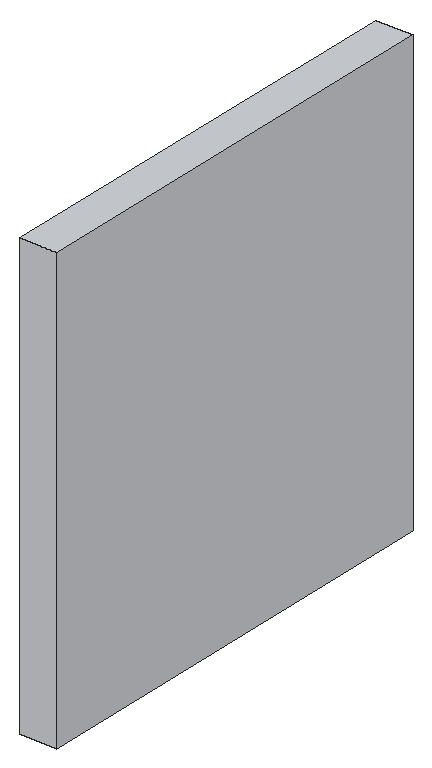
Revit family "7c70d3cc30df404eaa2ef8fa46fe4636", category Duct Fittings, Revit 2021
Family settings
  Round Connector Dimension = Use Diameter
  Part Type = Cap
  OmniClass Number = 23.75.70.14
  OmniClass Title = Air Ductwork
  Seek Item ID = Rectangular Endcap-0000-USA-ENU
  Work Plane-Based = No
  Always vertical = Yes
  Cut with Voids When Loaded = No
  Shared = No
Parameters (values of type "Standard")
  Duct Width [instance] = 12"
  built-in parameter 1114242 [instance] = (empty or 0)
  Duct Length = 1"
  Duct Height [instance] = 12"
  Default Elevation = 0' - 0"
Reference planes (in)
  plane 1 "Center (Front/Back)": y = 0
  plane 2: z = 0
  plane 3 "Center (Left/Right)": x = 0
  plane 4: x = 1
Forms (in)
  Sweep 1, solid, detail levels medium+fine
    path in 3D
      loop
        line (0, 0, 0) -> (1, 0, 0)
    profile "Duct - Rectangular : Duct - Rectangular" origin (0.5, 0, 0) x (0, 1, 0) y (0, 0, 1)
      loop
        line (-6, 6) -> (-6, -6) -> (6, -6) -> (6, 6) -> (-6, 6)
Lines and regions (in)
  reference lines
    curve 1: line (0, 0, 0) -> (1, 0, 0)
    curve 6: line (0, 0, 0) -> (1, 0, 0)
  sketch lines
    curve 2: line (0, 0, 0) -> (1, 0, 0)
  model lines, style "DuctFitting", detail levels coarse
    curve 3: line (0, 6, 0) -> (0, -6, 0)
    curve 4: line (0, -6, 0) -> (-4, -6, 0)
    curve 5: line (0, 6, 0) -> (-4, 6, 0)
Dimensions and locks (in)
  "Duct Length": plane 3 "Center (Left/Right)" to plane 4
  aligned and locked: plane 1 "Center (Front/Back)" to curve 1
  aligned and locked: plane 3 "Center (Left/Right)" to curve 1
  aligned and locked: Sweep 1 to curve 5
  aligned and locked: plane 3 "Center (Left/Right)" to curve 6
  aligned and locked: plane 1 "Center (Front/Back)" to curve 6
  aligned and locked: curve 4 to Sweep 1
Automatic sketch dimensions
  curve 5 to plane 3 "Center (Left/Right)" = 0' - 0"
  curve 5 to curve 3 = 0' - 4"
  curve 4 to curve 3 = 0' - 4"
  curve 1 to plane 4 = 0' - 0"
  curve 6 to plane 4 = 0' - 0"
Connectors (in)
  hvac at (0, 0, 0), driven by "Duct Height", driven by "Duct Width"
    settings: on Sweep 1, index 1, duct flow 0 CFM, flow factor 0, pres drop 0.00 in-wg, loss coef 0, conn angle 0.00°, conn width 12", conn height 12", conn diameter 24", duct sys type 28, conn prof type 1, flow config 0, flow direction 0, loss method 0, conn ref index -1, conn util no, is conn primary yes, conn desc ""
